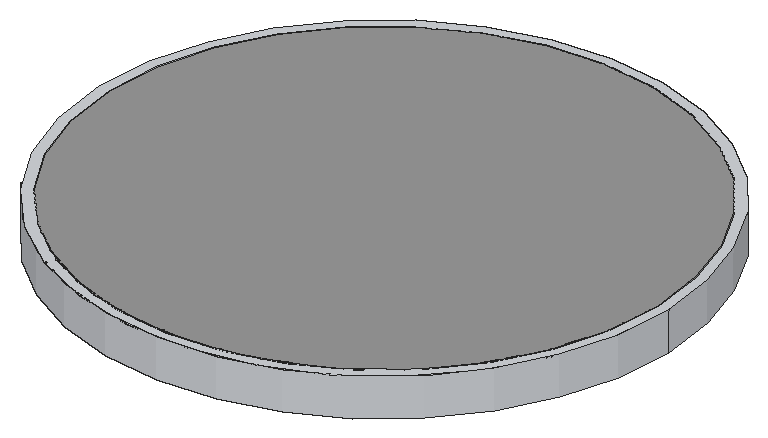
Revit family "2071271", category Lighting Fixtures, host Face, Revit 2018
Family settings
  Host = Face
  Round Connector Dimension = Use Diameter
  Part Type = Normal
  OmniClass Number = 23.80.70.00
  OmniClass Title = Lighting
  Cut with Voids When Loaded = No
  Light Source = Yes
  Shared = No
  Room Calculation Point = No
Parameters (values of type "2071271 COLOSSAL 900 840 PR DIR+H WHT SSA02")
  iner diameter = 856 mm
  Weight = "n/a"
  Wattage Comments = ""
  Wattage = 30 W
  WarrantyStartDate [instance] = "n/a"
  WarrantyGuarantorParts = "n/a"
  WarrantyDurationUnit = "n/a"
  WarrantyDurationParts = ""
  WarrantyDescription = "http://www.sylvania-lighting.com"
  built-in parameter 1150110 = 1 (stored number, unit not read)
  Voltage = 230 V
  URL = "0.99"
  TypeName = "COLOSSAL 900mm 840 PRISM DIR+HAL WHITE SSA02"
  Type Image = <None>
  Type Comments = "n/a"
  built-in parameter 1114217 = 1 (stored number, unit not read)
  Tilt Angle = -90.00°
  built-in parameter 1150109 = 1 (stored number, unit not read)
  built-in parameter 1150134 = (empty or 0)
  built-in parameter 1150113 = 1 (stored number, unit not read)
  SerialNumber [instance] = "n/a"
  Photometric Web File = "2071271.ies"
  Material_3_SYL = LED-Sylvania
  PowerFactor = 0
  PowerConsumption = "Lighting"
  NominalLength = 888 mm
  NominalHeight = 93 mm
  NominalDepth = 888 mm
  Name = "COLOSSAL 900mm 840 PRISM DIR+HAL WHITE SSA02"
  ModelReference = Name  # "COLOSSAL 900mm 840 PRISM DIR+HAL WHITE SSA02"
  ModelNumber = "2071271"
  Model = Name  # "COLOSSAL 900mm 840 PRISM DIR+HAL WHITE SSA02"
  Material = "Feilo Sylvania"
  ManufacturerName = "138 lm/W"
  Manufacturer = ""
  LuminousEfficacy = ""
  built-in parameter 1150105 = 270.44 (stored number, unit not read)
  Lumens = 3398.4 lm
  LuminaireType = "0"
  built-in parameter 1150115 = 1 (stored number, unit not read)
  LightOutputRatio = "LED"
  built-in parameter 1150137 = (empty or 0)
  built-in parameter 1150139 = (empty or 0)
  LampsType = Lamp  # "n/a"
  LampNominalLuminous = "4000 K"
  LampMacAdamStep = "80"
  LampColourTemperature = "LED"
  LampColourRenderingIndex = "16500"
  built-in parameter 1150112 = 1 (stored number, unit not read)
  built-in parameter 1150114 = 1 (stored number, unit not read)
  Lamp = "n/a"
  Keynote = "n/a"
  InstallationDate [instance] = "n/a"
  InputVoltage = "0"
  InputNominalFrequency = "4000"
  built-in parameter 1150132 = (empty or 0)
  built-in parameter 1150102 = (empty or 0)
  built-in parameter 1150107 = 3000 (stored number, unit not read)
  built-in parameter 1150138 = (empty or 0)
  IngressProtection = "IfcLightFixtureType"
  ImpactProtectionIndex = "IfcLightFixtureType"
  built-in parameter 1150106 = 2.7044 (stored number, unit not read)
  IfcExportType = "IfcLightFixtureType"
  IfcExportAs = "Class I"
  Emit from Circle Diameter = 385 mm
  Emit Shape Visible in Rendering = no
  ElectricShockClassification = "138"
  built-in parameter 1150104 = 10.524 (stored number, unit not read)
  DocumentationLiterature = "http://www.sylvania-lighting.com/product/en-int/products/2071271"
  DimmingControlOptions = "n/a"
  Material_2_SYL = Polycarbonate_Sylvania_White
  Dimming Lamp Color Temperature Shift = <None>
  Description = "900mm diameter circular architectural luminaire, can be surface mounted or suspended. Powder coated aluminium housing (RAL9016) with PMMA prismatic diffuser. Direct/indirect (halo) light distribution, 8285lm luminuous flux, 60W system power, 138lm/W luminiaire efficacy. Sylsmart Connected enabled. Colour rendering index Ra >80, 4000K Neutral White LED, chromaticity tolerance of 3-step MacAdam ellipse. IP40/IP20, IK03. 350mA drive current. UGR≤19. Electrical protection Class1, 220-240V. Reported lifetime 66k hours L90B10."
  Default Elevation = 1219.2 mm
  CreatedOn = "23/03/2022"
  CreatedBy = "@sylvania-lighting.com"
  Cost = 0
  Color Filter = 16777215
  built-in parameter 1114216 [instance] = (empty or 0)
  ClassificationValue = "EF_70_80"
  ClassificationName = "Uniclass2015"
  Material_1_SYL = Polycarbonate_Sylvania_Opal
  BarCode [instance] = "n/a"
  built-in parameter 1114218 = 1 (stored number, unit not read)
  built-in parameter 1150133 = 10 (stored number, unit not read)
  AssetType = "Fixed"
  AssetIdentifier [instance] = "n/a"
  Assembly Code = "D5020200"
  Apparent Load = 60 VA
  Material_4_SYL = none
Reference planes
  plane 1 "Center (Front/Back)": y = 0
  plane 2: z = 0
  plane 3 "Center (Left/Right)": x = 0
  plane 4: z = 1.161
  plane 5: z = 16.161
  plane 6: x = -444
  plane 7: x = 444
  plane 8: y = 444
  plane 9: y = -444
  plane 10: y = 236
  plane 11: y = -236
  plane 12: x = 85
  plane 13: x = -85
  plane 14: through (0, 0, 1219.2) normal (0.5, 0.866, 0)
  plane 15: through (42.5, 73.612, 1219.2) normal (0.5, 0.866, 0)
  plane 16: through (-42.5, -73.612, 1219.2) normal (0.5, 0.866, 0)
  plane 17: through (0, 0, 1219.2) normal (0.5, -0.866, 0)
  plane 18: through (-42.5, 73.612, 1219.2) normal (0.5, -0.866, 0)
  plane 19: through (42.5, -73.612, 1219.2) normal (0.5, -0.866, 0)
  plane 20: z = 93
  plane 21: y = 428
  plane 22: y = -428
Forms (mm)
  Extrusion 1, solid, detail levels medium+fine
    sketch origin (0, 0, 0) x (0.866025, -0.5, 0) y (0.5, 0.866025, 0)
      loop
        circle (-50, 86.603) r 22
    from 0 to 2
  Extrusion 2, solid, detail levels medium+fine
    sketch origin (0, 0, 0) x (0.866025, -0.5, 0) y (0.5, 0.866025, 0)
      loop
        circle (100, 0) r 22
      loop
        circle (-50, -86.603) r 22
    from 0 to 2
  Blend 3, solid, detail levels medium+fine
    base sketch origin (0, 0, 0) x (1, 0, 0) y (0, 1, 0)
      loop
        line (-85, 236) -> (-246.882, -44.388) -> (-161.882, -191.612) -> (161.882, -191.612) -> (246.882, -44.388) -> (85, 236) -> (-85, 236)
    top sketch origin (0, 0, 0) x (1, 0, 0) y (0, 1, 0)
      loop
        line (-85, 283.076) -> (-287.651, -67.926) -> (-207.792, -218.119) -> (207.792, -218.119) -> (292.5, -71.401) -> (85, 283.076) -> (-85, 283.076)
    from 0 to 33.022
  Extrusion 4, solid, detail levels medium+fine
    sketch origin (0, 0, 0) x (1, 0, 0) y (0, 1, 0)
      loop
        circle (0, 0) r 444
    from 33.022 to 93
  Extrusion 5, void
    sketch origin (0, 0, 0) x (1, 0, 0) y (0, 1, 0)
      loop
        circle (0, 0) r 428
    from 96.588 to 37.292
  Extrusion 6, solid, material "Glass, White, High Luminance", detail levels fine
    sketch origin (0, 0, 0) x (1, 0, 0) y (0, 1, 0)
      loop
        circle (0, 0) r 428
    from 87.991 to 93
  Extrusion 7, solid, detail levels coarse
    sketch origin (0, 0, 0) x (1, 0, 0) y (0, 1, 0)
      loop
        line (-444, 444) -> (-444, -444) -> (444, -444) -> (444, 444) -> (-444, 444)
    from 0 to 93.648
Cuts and joins
  Extrusion 5 cuts Extrusion 1
  Extrusion 5 cuts Extrusion 2
  Extrusion 5 cuts Blend 3
  Extrusion 5 cuts Extrusion 4
Lines and regions (mm)
  model lines, detail levels medium+fine
    curve 1: circle (0, 0, 0) r 100 normal (0, 0, 1)
Dimensions and locks
  "NominalDepth": plane 8 to plane 9
  plane 8 to plane 1 "Center (Front/Back)" to plane 9 = 444 mm, 444 mm
  "NominalLength": plane 6 to plane 7
  equal spacing: plane 6, plane 3 "Center (Left/Right)", plane 7
  "NominalHeight": level to plane 20
  "iner diameter": plane 21 to plane 22
  equal spacing: plane 21, plane 1 "Center (Front/Back)", plane 22
  aligned and locked: plane 2 to host face
  aligned and locked: level to host face
Automatic sketch dimensions
  host sketch curve to host sketch curve = 2438.4 mm  (x2)
  Extrusion 1 sketch curve to plane 3 "Center (Left/Right)" = 0 mm
  Extrusion 1 sketch curve to plane 1 "Center (Front/Back)" = 100 mm
  plane 1 "Center (Front/Back)" to Extrusion 2 sketch curve = 50 mm
  Extrusion 2 sketch curve to plane 3 "Center (Left/Right)" = 86.603 mm
  Extrusion 2 sketch curve to Extrusion 2 sketch curve = 150 mm
  Extrusion 2 sketch curve to Extrusion 2 sketch curve = 86.603 mm
  plane 1 "Center (Front/Back)" to curve 1 = 0 mm
  curve 1 to plane 3 "Center (Left/Right)" = 0 mm
  plane 18 to Blend 3 sketch curve = 0 mm  (x2)
  plane 19 to Blend 3 sketch curve = 0 mm  (x2)
  Blend 3 sketch curve to plane 10 = 0 mm
  Blend 3 sketch curve to plane 13 = 0 mm  (x2)
  Blend 3 sketch curve to plane 12 = 0 mm  (x2)
  Blend 3 sketch curve to plane 16 = 0 mm  (x2)
  Blend 3 sketch curve to plane 15 = 0 mm
  plane 11 to Blend 3 sketch curve = 44.388 mm
  plane 1 "Center (Front/Back)" to Blend 3 sketch curve = 44.388 mm  (x2)
  plane 11 to Blend 3 sketch curve = 17.881 mm
  plane 1 "Center (Front/Back)" to Blend 3 sketch curve = 67.926 mm
  plane 1 "Center (Front/Back)" to Blend 3 sketch curve = 71.401 mm
  Blend 3 sketch curve to plane 7 = 151.5 mm
  plane 10 to Blend 3 sketch curve = 47.076 mm
  plane 1 "Center (Front/Back)" to Extrusion 4 sketch curve = 0 mm
  Extrusion 4 sketch curve to plane 3 "Center (Left/Right)" = 0 mm
  plane 1 "Center (Front/Back)" to Extrusion 5 sketch curve = 0 mm
  Extrusion 5 sketch curve to plane 3 "Center (Left/Right)" = 0 mm
  plane 1 "Center (Front/Back)" to Extrusion 6 sketch curve = 0 mm
  Extrusion 6 sketch curve to plane 3 "Center (Left/Right)" = 0 mm
  Extrusion 7 sketch curve to plane 6 = 0 mm
  Extrusion 7 sketch curve to plane 7 = 0 mm
  Extrusion 7 sketch curve to plane 9 = 0 mm
  Extrusion 7 sketch curve to plane 8 = 0 mm
  radius of Extrusion 1 sketch curve = 22 mm
  radius of Extrusion 2 sketch curve = 22 mm  (x2)
  radius of curve 1 = 100 mm
  radius of Extrusion 4 sketch curve = 444 mm
  radius of Extrusion 5 sketch curve = 428 mm
  radius of Extrusion 6 sketch curve = 428 mm
Connectors
  electrical at (0, 0, 0), driven by "Apparent Load", driven by "PowerFactor", driven by "Voltage"
    settings: index 1, voltage 230 V, apparent load 60 VA, apparent load phase1 0 VA, apparent load phase2 0 VA, apparent load phase3 0 VA, power factor 0, load classification "Lighting", number of poles 1, system type 30, power factor state 1, is connector primary yes, connector utility no, sub classification motor no, connector description ""
